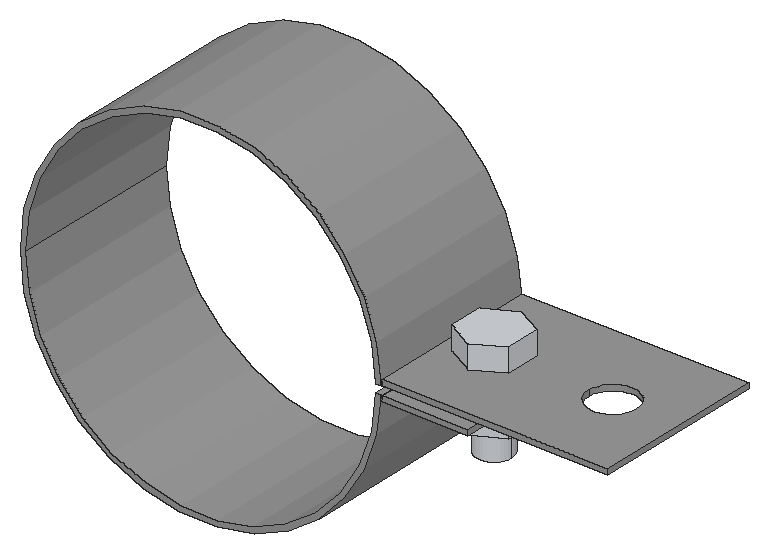
Revit family "Regenrohrschelle", category Generic Models, Revit 2015
Parameters (values of type "301 DIN-80")
  Width 1 = 38 mm
  Width = 41 mm
  URL = "http://www.obo-bettermann.com"
  SW = 13 mm
  Radius 1 = 41.3 mm
  Radius = 40 mm
  Material = Strip-galvanised
  Manufacturer Art.No. = "5350085"
  Manufacturer = "OBO Bettermann"
  GTIN = "4012195425595"
  Article Type = "301 DIN-80"
Types (10, lengths in mm): name | Width 1 | Width | Radius 1 | Radius | Material | Manufacturer Art.No. | GTIN | Article Type
  (no name) | 38 | 41 | 41.3 | 40 | Strip-galvanised | "5350085" | "4012195425595" | "301 DIN-80"
  301 DIN-80 | 38 | 41 | 41.3 | 40 | Strip-galvanised | "5350085" | "4012195425595" | "301 DIN-80"
  301 DIN-90 | 44 | 46 | 46.3 | 45 | Strip-galvanised | "5350093" | "4012195425656" | "301 DIN-90"
  301 DIN-100 | 48 | 50.5 | 51.3 | 50 | Strip-galvanised | "5350107" | "4012195425717" | "301 DIN-100"
  301 DIN-110 | 53 | 55.5 | 56.5 | 55 | Strip-galvanised | "5350115" | "4012195425779" | "301 DIN-110"
  301 DIN-120 | 58 | 60.5 | 61.5 | 60 | Strip-galvanised | "5350123" | "4012195425830" | "301 DIN-120"
  301 CU-80 | 38 | 41 | 41.3 | 40 | Copper | "5350689" | "4012195426257" | "301 CU-80"
  301 CU-100 | 48 | 50.5 | 51.3 | 50 | Copper | "5350700" | "4012195426370" | "301 CU-100"
  301 CU-110 | 53 | 55.5 | 56.5 | 55 | Copper | "5350719" | "4012195426431" | "301 CU-110"
  301 CU-120 | 58 | 60.5 | 61.5 | 60 | Copper | "5350727" | "4012195426493" | "301 CU-120"
Reference planes
  plane 1 "Center (Front/Back)": y = 0
  plane 2: z = 0
  plane 3 "Center (Left/Right)": x = 0
  plane 4: y = 20
  plane 5: y = -20
  plane 6: z = 7.55
  plane 7: z = -17.75
  plane 8: z = -11.15
Forms (mm)
  Extrusion 1, solid, material "Strip-galvanised" <- "Material"
    sketch origin (25.594, 0, -20.303) x (1, 0, 0) y (0, 0, 1)
      loop
        circle (-25.594, 20.303) r 40
      loop
        circle (-25.594, 20.303) r 41.3
    from -20 to 20
  Extrusion 2, solid, material "Strip-galvanised" <- "Material"
    sketch origin (0, 0, 0) x (1, 0, 0) y (0, 0, 1)
      loop
        line (41, 1) -> (93, 1) -> (93, 2.25) -> (41, 2.25) -> (41, 1)
      loop
        line (41, -1) -> (41, -2.25) -> (61, -2.25) -> (61, -1) -> (41, -1)
    from -20 to 20
  Extrusion 3, void
    sketch origin (0, 0, 0) x (1, 0, 0) y (0, 1, 0)
      loop
        circle (78, 0) r 5.531
    from 1 to 2.25
  Extrusion 4, solid
    sketch origin (0, 0, 0) x (1, 0, 0) y (0, 1, 0)
      loop
        circle (51, 0) r 3.996
    from -17.75 to 2.25
  Extrusion 5, solid
    sketch origin (0, 0, 0) x (1, 0, 0) y (0, 1, 0)
      loop
        circle (51, 0) r 8
    from 2.25 to 7.55
  Extrusion 6, void
    sketch origin (0, 0, 0) x (1, 0, 0) y (0, 1, 0)
      loop
        line (57.5, 4) -> (51, 7.5) -> (44.5, 4) -> (44.5, -4) -> (51, -7.5) -> (57.5, -4) -> (57.5, 4)
      loop
        line (42.668, 8.909) -> (42.668, -11.091) -> (59.822, -11.091) -> (59.822, 8.909) -> (42.668, 8.909)
    from 2.25 to 7.55
  Extrusion 7, solid
    sketch origin (0, 0, 0) x (1, 0, 0) y (0, 1, 0)
      loop
        line (51, 7.5) -> (44.5, 4) -> (44.5, -4) -> (51, -7.5) -> (57.5, -4) -> (57.5, 4) -> (51, 7.5)
    from -11.15 to -2.25
  Extrusion 8, void
    sketch origin (0, 0, 0) x (1, 0, 0) y (0, 0, 1)
      loop
        line (38, 1) -> (38, -1) -> (43.865, -1) -> (43.865, 1) -> (38, 1)
    from -20 to 20
Cuts and joins
  Extrusion 3, Extrusion 6, Extrusion 8 cuts Extrusion 2
  Extrusion 6 cuts Extrusion 5
  Extrusion 8 cuts Extrusion 1
Dimensions and locks
  locked: plane 4 to plane 5 at 40
  locked: plane 1 "Center (Front/Back)" to plane 4 at 20
  locked: Extrusion 1 sketch curve to plane 3 "Center (Left/Right)"  (x2)
  locked: level to Extrusion 1 sketch curve  (x2)
  "Width": Extrusion 2 sketch curve to plane 3 "Center (Left/Right)"
  locked: Extrusion 2 sketch curve to level at 1
  locked: Extrusion 2 sketch curve to Extrusion 2 sketch curve at 1.25  (x2)
  locked: Extrusion 2 sketch curve to Extrusion 2 sketch curve at 52
  locked: level to Extrusion 2 sketch curve at 1
  locked: Extrusion 2 sketch curve to Extrusion 2 sketch curve at 20
  locked: Extrusion 3 sketch curve to plane 1 "Center (Front/Back)"
  locked: Extrusion 3 sketch curve to cut or joined group of Extrusion 2, Extrusion 3, Extrusion 6, Extrusion 8 at 15
  locked: Extrusion 4 sketch curve to plane 1 "Center (Front/Back)"
  locked: Extrusion 4 sketch curve to cut or joined group of Extrusion 2, Extrusion 3, Extrusion 6, Extrusion 8 at 42
  locked: plane 6 to cut or joined group of Extrusion 2, Extrusion 3, Extrusion 6, Extrusion 8 at 5.3
  locked: cut or joined group of Extrusion 2, Extrusion 3, Extrusion 6, Extrusion 8 to plane 7 at 15.5
  locked: cut or joined group of Extrusion 2, Extrusion 3, Extrusion 6, Extrusion 8 to plane 8 at 8.9
  locked: plane 1 "Center (Front/Back)" to Extrusion 5 sketch curve
  locked: Extrusion 5 sketch curve to cut or joined group of Extrusion 2, Extrusion 3, Extrusion 6, Extrusion 8 at 42
  locked: Extrusion 6 sketch curve to cut or joined group of Extrusion 2, Extrusion 3, Extrusion 6, Extrusion 8 at 35.5
  locked: Extrusion 6 sketch curve to Extrusion 6 sketch curve at 8
  locked: plane 1 "Center (Front/Back)" to Extrusion 6 sketch curve at 4
  "SW": Extrusion 6 sketch curve to Extrusion 6 sketch curve
  locked: plane 1 "Center (Front/Back)" to Extrusion 6 sketch curve at 7.5
  locked: Extrusion 6 sketch curve to Extrusion 6 sketch curve at 6.5  (x2)
  locked: Extrusion 6 sketch curve to plane 1 "Center (Front/Back)" at 7.5
  locked: cut or joined group of Extrusion 2, Extrusion 3, Extrusion 6, Extrusion 8 to Extrusion 6 sketch curve at 11.091
  locked: cut or joined group of Extrusion 2, Extrusion 3, Extrusion 6, Extrusion 8 to Extrusion 6 sketch curve at 8.909
  locked: Extrusion 6 sketch curve to Extrusion 6 sketch curve at 17.154
  locked: Extrusion 6 sketch curve to cut or joined group of Extrusion 2, Extrusion 3, Extrusion 6, Extrusion 8 at 33.178
  "Width 1": Extrusion 8 sketch curve to plane 3 "Center (Left/Right)"
  locked: Extrusion 8 sketch curve to Extrusion 8 sketch curve at 5.865
  "Radius": radius of Extrusion 1 sketch curve
  "Radius 1": radius of Extrusion 1 sketch curve
  radius of Extrusion 4 sketch curve = 3.996 mm
  radius of Extrusion 5 sketch curve = 8 mm
  aligned and locked: level to plane 2
  aligned and locked: plane 4 to Extrusion 1
  aligned and locked: Extrusion 1 to plane 5
  aligned and locked: Extrusion 2 sketch curve to Extrusion 2 sketch curve
  aligned and locked: plane 4 to Extrusion 2
  aligned and locked: Extrusion 2 to plane 5
  aligned and locked: Extrusion 2 to Extrusion 3  (x2)
  aligned and locked: cut or joined group of Extrusion 2, Extrusion 3, Extrusion 6, Extrusion 8 to Extrusion 4
  aligned and locked: Extrusion 4 to plane 7
  aligned and locked: Extrusion 5 to cut or joined group of Extrusion 2, Extrusion 3, Extrusion 6, Extrusion 8
  aligned and locked: plane 6 to Extrusion 5
  aligned and locked: Extrusion 6 sketch curve to Extrusion 6 sketch curve  (x2)
  aligned and locked: Extrusion 6 to Extrusion 2
  aligned and locked: plane 6 to Extrusion 6
  aligned and locked: Extrusion 7 sketch curve to cut or joined group of Extrusion 5, Extrusion 6  (x6)
  aligned and locked: Extrusion 7 to plane 8
  aligned and locked: Extrusion 7 to cut or joined group of Extrusion 2, Extrusion 3, Extrusion 6, Extrusion 8
  aligned and locked: cut or joined group of Extrusion 2, Extrusion 3, Extrusion 6, Extrusion 8 to Extrusion 8 sketch curve
  aligned and locked: Extrusion 8 sketch curve to cut or joined group of Extrusion 2, Extrusion 3, Extrusion 6, Extrusion 8
  aligned and locked: plane 4 to Extrusion 8
  aligned and locked: Extrusion 8 to plane 5
Automatic sketch dimensions
  radius of Extrusion 3 sketch curve = 5.531 mm
